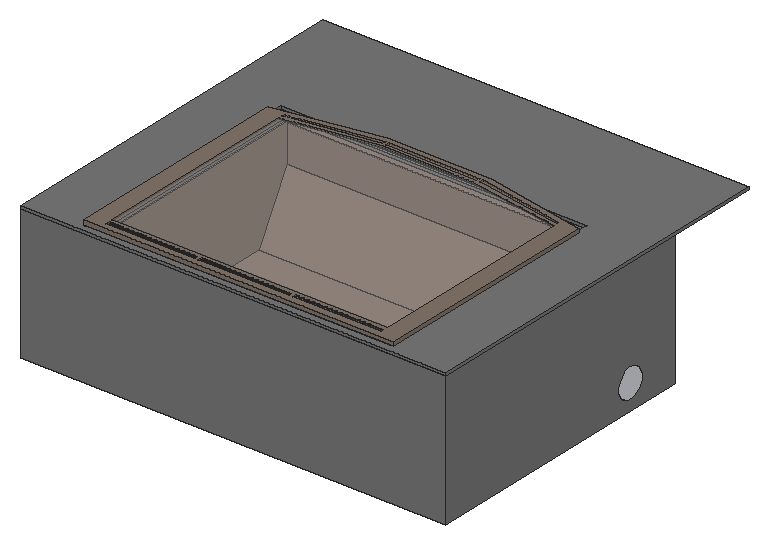
Revit family "Fireplace_Gas_Heatilator_Heirloom", category Mechanical Equipment, host Face, Revit 2015
Parameters (values of type "50x40 Viewing Area LP")
  hvacrad [instance] = HVAC Supply Connection Diameter / 2  # 0' - 2 1/2"
  gasrad [instance] = Gas Connection Diameter / 2  # 0' - 0 1/4"
  exhaustrad [instance] = Exhaust Connection Diameter / 2  # 0' - 2 1/2"
  Warranty Duration (Years) = 0
  Unit Width = 6' - 3"
  Unit Weight = 0
  Unit Height = 5' - 6 5/8"
  Unit Depth = 2' - 0"
  URL = "http://www.heatilator.com/"
  Test Data = ""
  Standards Conformance = "UL  ;  cUL"
  Specification = "http://www.arcat.com/sdspecs/htm04/10_31_07hea.htm"
  SpecWizard = ""
  Send Message = "http://www.arcat.com/users.pl?action=UserEmail&amp;company=Heatilator<sup><small></small></sup>&amp;coid=49248&amp;rep=144&amp;fax=&amp;mf=95"
  Screen [instance] = HeirloomFace : Firescreen Arch
  Sales Information = "http://www.heatilator.com/Contact-Us.aspx"
  Revision = "R2_2014-09"
  Recess Into Host [instance] = 2' - 0"
  Rear Wall Finish [instance] = Masonry - Heatilator - Brick as Specified
  Product Properties = ""
  Product Data = "http://www.arcat.com/arcatcos/cos9549/arc49248.html"
  Opening Width = 4' - 1 7/8"
  Opening Height = 3' - 4 1/16"
  Mounting Height [instance] = 1' - 10.76867"
  Model = "HEIR50"
  Manufacturer Website = "http://www.heatilator.com/"
  Manufacturer Phone - Toll Free = "800-927-6841"
  Manufacturer Phone = ""
  Manufacturer Fax = ""
  Manufacturer Address = "7571 215th St. W.  Lakeville, MN 55044"
  Manufacturer = "Heatilator"
  Maintenance Schedule (Months) = 0
  Keynote = "10305"
  Installation-Fabrication = ""
  Installation Phase = ""
  Heating Capacity = "as Specified"
  HVAC_BTU Output = 0.0 Btu/h
  HVAC_BTU Input = 63500.0 Btu/h
  HVAC Supply Connection Diameter [instance] = 5"
  Green Building-LEED = ""
  Glazing Tint [instance] = Glazing - Heatilator - Clear
  Gas Connection Diameter [instance] = 1/2"
  Fuel Type = "LP"
  Fuel Consumption = "as Specified"
  Fixture Finish = Metal - Heatilator - Metallic Black
  Expected Lifespan (Years) = 0
  Exhaust Connection Diameter [instance] = 5"
  Electrical_Voltage = 120 V
  Efficiency Ratings = "Steady State 68.2  ;  AFUE 66  ;  EnerGuide 67.5"
  Drawn By = "Sumex Design, Inc. / Robert S. Weygant, CSI, CDT, SCIP"
  Door Offset [instance] = 0' - 0 3/4"
  Door Finish [instance] = Metal - Heatilator - Bronze
  Description = "Heatilator Gas Burning Fireplace - Heirloom HEIR50 LP as Specified"
  Default Elevation = 0' - 0"
  Copyright = "©Arcat Inc."
  Construction Details = "http://www.arcat.com/details/heatil/heatil.html?coid=49248"
  Building Codes = ""
  Assembly Code = "D3020"
Types (6): name | Unit Width | Unit Height | Opening Width | Opening Height | Model | HVAC_BTU Input | Fuel Type | Efficiency Ratings | Description
  50x40 Viewing Area LP | 6' - 3" | 5' - 6 5/8" | 4' - 1 7/8" | 3' - 4 1/16" | "HEIR50" | 63500.0 Btu/h | "LP" | "Steady State 68.2  ;  AFUE 66  ;  EnerGuide 67.5" | "Heatilator Gas Burning Fireplace - Heirloom HEIR50 LP as Specified"
  50x40 Viewing Area NG | 6' - 3" | 5' - 6 5/8" | 4' - 1 7/8" | 3' - 4 1/16" | "HEIR50" | 65000.0 Btu/h | "NG" | "Steady State 68.2  ;  AFUE 66  ;  EnerGuide 67.5" | "Heatilator Gas Burning Fireplace - Heirloom HEIR50 NG as Specified"
  42x36 Viewing Area LP | 5' - 7" | 5' - 2 5/8" | 3' - 5 7/8" | 3' - 0 1/16" | "HEIR42" | 51000.0 Btu/h | "LP" | "Steady State 77.2  ;  AFUE 66.7  ;  EnerGuide 67" | "Heatilator Gas Burning Fireplace - Heirloom HEIR42 LP as Specified"
  42x36 Viewing Area NG | 5' - 7" | 5' - 2 5/8" | 3' - 5 7/8" | 3' - 0 1/16" | "HEIR42" | 54000.0 Btu/h | "NG" | "Steady State 77.2  ;  AFUE 66.7  ;  EnerGuide 67" | "Heatilator Gas Burning Fireplace - Heirloom HEIR42 NG as Specified"
  36x31 Viewing Area LP | 5' - 1" | 4' - 9 5/8" | 2' - 11 7/8" | 2' - 7 1/16" | "HEIR36" | 44000.0 Btu/h | "LP" | "Steady State 76.2  ;  AFUE 56.7  ;  EnerGuide 59.6" | "Heatilator Gas Burning Fireplace - Heirloom HEIR36 LP as Specified"
  36x31 Viewing Area NG | 5' - 1" | 4' - 9 5/8" | 2' - 11 7/8" | 2' - 7 1/16" | "HEIR36" | 45500.0 Btu/h | "NG" | "Steady State 76.2  ;  AFUE 56.7  ;  EnerGuide 59.6" | "Heatilator Gas Burning Fireplace - Heirloom HEIR36 NG as Specified"
Reference planes (in)
  plane 1 "Opening CL": y = 0
  plane 2: z = 0
  plane 3 "Center (Left/Right)": x = 0
  plane 4: z = -24
  plane 5 "Front": z = 0
  plane 6: x = -24.9375
  plane 7: x = 24.9375
  plane 8: y = 25.25
  plane 9 "FF": y = -41.20617
  plane 10: y = -18.4375
  plane 11: y = -14.8125
  plane 12: x = -37.5
  plane 13: x = 37.5
  plane 14: y = 48.1875
  plane 15: z = 0.75
  plane 16: z = 0
Forms (in)
  Extrusion 1, void
    sketch origin (0, 0, 0) x (1, 0, 0) y (0, 1, 0)
      loop
        line (37.5, 48.1875) -> (-37.5, 48.1875) -> (-37.5, -18.4375) -> (37.5, -18.4375) -> (37.5, 48.1875)
    from -24 to 5.63952
  Extrusion 2, solid, material "Metal - Heatilator - Metallic Black" <- "Fixture Finish"
    sketch origin (0, -16.31553, 0) x (0, -1, 0) y (1, 0, 0)
      loop
        line (-42.06553, -26.9375) -> (1.12197, -26.9375) -> (1.12197, 26.9375) -> (-42.06553, 26.9375) -> (-42.06553, -26.9375)
      loop
        line (-64.50303, -37.5) -> (2.12197, -37.5) -> (2.12197, 37.5) -> (-64.50303, 37.5) -> (-64.50303, -37.5)
    from 0 to -0.5
  Extrusion 3, solid, material "Masonry - Heatilator - Brick as Specified" <- "Rear Wall Finish"
    sketch origin (-6.5, -18.4375, 48) x (1, 0, 0) y (0, 0, 1)
      loop
        line (-31, -48.5) -> (-31, -72) -> (44, -72) -> (44, -48.5) -> (-31, -48.5)
    from 0 to -3.625
  Extrusion 4, solid, material "Masonry - Heatilator - Brick as Specified" <- "Rear Wall Finish"
    sketch origin (0, 0, 0) x (1, 0, 0) y (0, 0, 1)
      loop
        line (-24.9375, -0.5) -> (-37.5, -0.5) -> (-37.5, -24) -> (37.5, -24) -> (37.5, -0.5) -> (24.9375, -0.5) -> (24.9375, -18.5) -> (-24.9375, -18.5) -> (-24.9375, -0.5)
    from -25.25 to 14.8125
  Extrusion 5, solid, material "Masonry - Heatilator - Brick as Specified" <- "Rear Wall Finish"
    sketch origin (0, 0, 0) x (0, 1, 0) y (0, 0, 1)
      loop
        line (25.25, -6) -> (18.03312, -18.5) -> (25.25, -18.5) -> (25.25, -6)
    from -24.9375 to 24.9375
  Extrusion 6, solid, material "Masonry - Heatilator - Brick as Specified" <- "Rear Wall Finish"
    sketch origin (0, 48.1875, 0) x (0, 0, -1) y (1, 0, 0)
      loop
        line (0.5, -37.5) -> (24, -37.5) -> (24, 37.5) -> (0.5, 37.5) -> (0.5, -37.5)
    from 16.25 to 22.9375
  Extrusion 7, solid, material "Masonry - Heatilator - Brick as Specified" <- "Rear Wall Finish"
    sketch origin (0, -16.31553, 0) x (0, -1, 0) y (1, 0, 0)
      loop
        line (1.12197, -26.9375) -> (1.12197, 26.9375) -> (-42.06553, 26.9375) -> (-42.06553, -26.9375) -> (1.12197, -26.9375)
      loop
        line (-40.56553, -24.6875) -> (-3.50303, -24.6875) -> (-3.50303, 24.6875) -> (-40.56553, 24.6875) -> (-40.56553, -24.6875)
    from -1 to -18.5
  Extrusion 8, solid
    sketch origin (0, 48.1875, 0) x (0, 0, -1) y (1, 0, 0)
      loop
        circle (16, 0) r 2.5
    from 14.62715 to 16.25
  Extrusion 9, solid
    sketch origin (0, 0, 0) x (0, 1, 0) y (0, 0, 1)
      loop
        circle (22.19203, -19.5) r 2.5
    from -37.5 to 37.5
  Extrusion 10, solid
    sketch origin (-37.5, -180, 14.07791) x (0, 0, 1) y (0, -1, 0)
      loop
        circle (-28.20291, -164.3125) r 0.25
    from 0 to 1.0582
Cuts and joins
  joined: Extrusion 3, Extrusion 4, Extrusion 5, Extrusion 6, Extrusion 7
Dimensions and locks (in)
  "Recess Into Host": level to plane 4
  "Unit Depth": plane 5 "Front" to plane 4
  equal spacing: plane 6, plane 3 "Center (Left/Right)", plane 7
  "Opening Width": plane 6 to plane 7
  "Mounting Height": plane 10 to plane 9 "FF"
  locked: plane 10 to plane 11 at 3.625
  "Opening Height": plane 8 to plane 11
  equal spacing: plane 12, plane 3 "Center (Left/Right)", plane 13
  "Unit Width": plane 12 to plane 13
  "Unit Height": plane 10 to plane 14
  locked: plane 10 to Extrusion 2 sketch curve at 1
  locked: plane 5 "Front" to Extrusion 3 sketch curve at 0.5
  locked: plane 5 "Front" to Extrusion 4 sketch curve at 0.5  (x2)
  locked: plane 5 "Front" to Extrusion 4 sketch curve at 18.5
  plane 5 "Front" to Extrusion 5 sketch curve to Extrusion 5 sketch curve = 0' - 6" locked, 1' - 0 1/2" locked
  locked: Extrusion 5 sketch curve to plane 8 at 7.21688
  locked: plane 5 "Front" to Extrusion 6 sketch curve at 0.5
  locked: plane 15 to plane 16 at 0.75
  "Door Offset": plane 15 to plane 5 "Front"
  locked: Extrusion 2 sketch curve to plane 6 at 2
  locked: plane 7 to Extrusion 2 sketch curve at 2
  locked: Extrusion 2 sketch curve to plane 8 at 0.5
  Extrusion 7 sketch curve to plane 8 to Extrusion 7 sketch curve = 0' - 0 1/2" locked, 0' - 1" locked
  locked: Extrusion 7 sketch curve to plane 11 at 2
  locked: plane 11 to Extrusion 7 sketch curve at 2.625
  locked: Extrusion 7 sketch curve to plane 6 at 2
  locked: plane 7 to Extrusion 7 sketch curve at 2
  locked: plane 6 to Extrusion 7 sketch curve at 0.25
  locked: Extrusion 7 sketch curve to plane 7 at 0.25
  locked: plane 5 "Front" to Extrusion 8 sketch curve at 16
  locked: Extrusion 8 sketch curve to plane 3 "Center (Left/Right)" at 0
  locked: Extrusion 9 sketch curve to plane 14 at 25.99547
  locked: Extrusion 9 sketch curve to plane 4 at 4.5
  locked: plane 5 "Front" to Extrusion 10 sketch curve at 14.125
  locked: plane 10 to Extrusion 10 sketch curve at 2.75
  "exhaustrad": radius of Extrusion 8 sketch curve
  "hvacrad": radius of Extrusion 9 sketch curve
  "gasrad": radius of Extrusion 10 sketch curve
  aligned and locked: plane 2 to host face
  aligned and locked: level to host face
  aligned: Extrusion 1 to plane 5 "Front"
  aligned and locked: Extrusion 1 to plane 4
  aligned and locked: Extrusion 1 sketch curve to plane 10
  aligned and locked: plane 13 to Extrusion 1 sketch curve
  aligned and locked: Extrusion 1 sketch curve to plane 12
  aligned and locked: Extrusion 1 sketch curve to plane 14
  aligned and locked: plane 14 to Extrusion 2 sketch curve
  aligned and locked: Extrusion 2 sketch curve to plane 13
  aligned and locked: plane 12 to Extrusion 2 sketch curve
  aligned and locked: plane 4 to Extrusion 3 sketch curve
  aligned and locked: Extrusion 3 to plane 11
  aligned and locked: plane 4 to Extrusion 4 sketch curve
  aligned and locked: Extrusion 4 to plane 8
  aligned and locked: Extrusion 4 to plane 11
  aligned and locked: Extrusion 5 to plane 7
  aligned and locked: Extrusion 5 to plane 6
  aligned and locked: plane 4 to Extrusion 6 sketch curve
  aligned: plane 10 to Extrusion 6
  aligned and locked: Extrusion 6 to plane 8
  aligned and locked: plane 3 "Center (Left/Right)" to nested 1
  aligned and locked: nested 1 to plane 10
  aligned and locked: Extrusion 9 to plane 12
  aligned and locked: plane 13 to Extrusion 9
Automatic sketch dimensions
  host sketch curve to host sketch curve = 8' - 0"
  host sketch curve to host sketch curve = 10' - 4 9/16"
  Extrusion 3 sketch curve to plane 12 = 0' - 0"
  Extrusion 3 sketch curve to plane 13 = 0' - 0"
  Extrusion 4 sketch curve to plane 12 = 0' - 0"
  plane 6 to Extrusion 4 sketch curve = 0' - 0"
  plane 7 to Extrusion 4 sketch curve = 0' - 0"
  Extrusion 4 sketch curve to plane 13 = 0' - 0"
  Extrusion 5 sketch curve to plane 8 = 0' - 0"
  Extrusion 6 sketch curve to plane 12 = 0' - 0"
  Extrusion 6 sketch curve to plane 13 = 0' - 0"
  Extrusion 2 sketch curve to plane 10 = 0' - 0"
Nested families (in)
  nested 1: "HeirloomFace" at (0, -18.4375, 0), type <- "Screen", frame finish <- "Door Finish", clear material <- "Glazing Tint", Width <- "Opening Width", Height <- "Opening Height", type "Firescreen Arch"
    with frame finish Metal - Heatilator - Bronze, clear material Glazing - Heatilator - Clear, built-in parameter 1001301 4' - 1 7/8", built-in parameter 1001300 3' - 4 1/16", Firescreen Arch yes, Firescreen no
Connectors (in)
  electrical at (-37.5, 6.75, -12.25), driven by "Electrical_Voltage"
    settings: on cut or joined group of Extrusion 3, Extrusion 4, Extrusion 5, Extrusion 6, Extrusion 7, index 1, voltage 120 V, apparent load 0 VA, apparent load phase1 0 VA, apparent load phase2 0 VA, apparent load phase3 0 VA, power factor 1, load classification "Other", number of poles 1, system type 31, power factor state 1, is connector primary yes, connector utility no, sub classification motor no, connector description ""
  hvac at (0, 33.56035, -16), driven by "exhaustrad"
    settings: on Extrusion 8, index 2, duct flow 0 CFM, flow factor 0, pres drop 0.00 in-wg, loss coef 0, conn angle 0.00°, conn width 12", conn height 12", conn diameter 5", duct sys type 3, conn prof type 0, flow config 0, flow direction 2, loss method 0, conn ref index -1, conn util no, is conn primary yes, conn desc "Exhaust"
  hvac at (-37.5, 22.19203, -19.5), driven by "hvacrad"
    settings: on Extrusion 9, index 3, duct flow 0 CFM, flow factor 0, pres drop 0.00 in-wg, loss coef 0, conn angle 0.00°, conn width 12", conn height 12", conn diameter 5", duct sys type 1, conn prof type 0, flow config 0, flow direction 2, loss method 0, conn ref index -1, conn util no, is conn primary no, conn desc "Heat-Zone Port Supply"
  hvac at (37.5, 22.19203, -19.5), driven by "hvacrad"
    settings: on Extrusion 9, index 4, duct flow 0 CFM, flow factor 0, pres drop 0.00 in-wg, loss coef 0, conn angle 0.00°, conn width 12", conn height 12", conn diameter 5", duct sys type 1, conn prof type 0, flow config 0, flow direction 2, loss method 0, conn ref index -1, conn util no, is conn primary no, conn desc "Heat-Zone Port Supply"
  piping at (-37.5, -15.6875, -14.125), diameter 0.5, driven by "gasrad"
    settings: on Extrusion 10, index 5, connector inside diameter 1/2", connector length 0' - 0", flow factor 0, pipe flow 0 GPM, pressure drop 0.00 psi, fitting loss kfactor 0, connector angle 0.00°, fixture units 0, engagement length 0' - 0", angle of deflection 0.00°, flow configuration 0, flow direction 1, fitting loss method 0, system type 29, joint type 0, gender type 0, connector reference index -1, connector utility 0, adjustable connector no, is connector primary yes, connector description "Gas Inlet"
Definition of nested family "HeirloomFace"
  Parameters
    frame finish [instance] = none
    clear material [instance] = none
    Width [instance] = 2' - 11 7/8"
    Height [instance] = 2' - 7 1/16"
    Firescreen Arch = no
    Firescreen = yes
    Default Elevation = 4' - 0"
  Reference planes (in)
    plane 1 "Center (Front/Back)": y = 0
    plane 2: z = 0
    plane 3 "Center (Left/Right)": x = 0
    plane 4: x = -17.9375
    plane 5: x = 17.9375
    plane 6: y = 3.625
    plane 7: y = 34.6875
    plane 8: x = -5.97917
    plane 9: x = 5.97917
  Forms (in)
    Extrusion 1, solid, material <- "frame finish", visible <- "Firescreen"
      sketch origin (0, 0, 0) x (1, 0, 0) y (0, 1, 0)
        loop
          line (20.34375, 1.3125) -> (20.34375, 36.75) -> (-20.34375, 36.75) -> (-20.34375, 1.3125) -> (20.34375, 1.3125)
        loop
          line (-18.03125, 35.6875) -> (-18.03125, 2.375) -> (18.03125, 2.375) -> (18.03125, 35.6875) -> (-18.03125, 35.6875)
      from 0 to 0.75
    Extrusion 2, solid, material <- "frame finish", visible <- "Firescreen"
      sketch origin (0, 0, 0) x (1, 0, 0) y (0, 1, 0)
        loop
          line (-18.03125, 34.9375) -> (-18.03125, 34.4375) -> (18.03125, 34.4375) -> (18.03125, 34.9375) -> (6.22917, 34.9375) -> (6.22917, 35.6875) -> (5.72917, 35.6875) -> (5.72917, 34.9375) -> (-5.72917, 34.9375) -> (-5.72917, 35.6875) -> (-6.22917, 35.6875) -> (-6.22917, 34.9375) -> (-18.03125, 34.9375)
        loop
          line (-18.03125, 3.125) -> (-6.22917, 3.125) -> (-6.22917, 2.375) -> (-5.72917, 2.375) -> (-5.72917, 3.125) -> (5.72917, 3.125) -> (5.72917, 2.375) -> (6.22917, 2.375) -> (6.22917, 3.125) -> (18.03125, 3.125) -> (18.03125, 3.625) -> (-18.03125, 3.625) -> (-18.03125, 3.125)
      from 0.5 to 0.75
    Extrusion 3, solid, material <- "frame finish", visible <- "Firescreen Arch"
      sketch origin (0, 0, 0) x (1, 0, 0) y (0, 1, 0)
        loop
          line (-20.34375, 1.3125) -> (20.34375, 1.3125) -> (20.34375, 32.9375)
          arc (20.34375, 32.9375) -> (0, 36.75) -> (-20.34375, 32.9375) r 56.18404
          line (-20.34375, 32.9375) -> (-20.34375, 1.3125)
        loop
          line (-18.03125, 2.375) -> (18.03125, 2.375) -> (18.03125, 32.65491)
          arc (18.03125, 32.65491) -> (0, 35.6875) -> (-18.03125, 32.65491) r 55.12154
          line (-18.03125, 32.65491) -> (-18.03125, 2.375)
      from 0 to 0.75
    Extrusion 4, solid, material <- "frame finish", visible <- "Firescreen Arch"
      sketch origin (0, 0, 0) x (1, 0, 0) y (0, 1, 0)
        loop
          line (-6.22917, 34.29216) -> (-5.72917, 34.29216) -> (-5.72917, 35.625) -> (-6.22917, 35.625) -> (-6.22917, 34.29216)
        loop
          line (6.22917, 34.29216) -> (6.22917, 35.625) -> (5.72917, 35.625) -> (5.72917, 34.29216) -> (6.22917, 34.29216)
      from 0.5 to 0.75
    Extrusion 5, solid, material <- "frame finish", visible <- "Firescreen Arch"
      sketch origin (0, 0, 0) x (1, 0, 0) y (0, 1, 0)
        loop
          line (-18.03125, 3.125) -> (-6.22917, 3.125) -> (-6.22917, 2.375) -> (-5.72917, 2.375) -> (-5.72917, 3.125) -> (5.72917, 3.125) -> (5.72917, 2.375) -> (6.22917, 2.375) -> (6.22917, 3.125) -> (18.03125, 3.125) -> (18.03125, 3.625) -> (-18.03125, 3.625) -> (-18.03125, 3.125)
        loop
          line (-18.03125, 31.86058) -> (-18.03125, 31.33029)
          arc (-18.03125, 31.33029) -> (0, 34.4375) -> (18.03125, 31.33029) r 53.87154
          line (18.03125, 31.33029) -> (18.03125, 31.86058)
          arc (18.03125, 31.86058) -> (0, 34.9375) -> (-18.03125, 31.86058) r 54.37154
      from 0.5 to 0.75
    Extrusion 6, solid, material <- "frame finish", visible <- "Firescreen Arch"
      sketch origin (0, 0, 0) x (1, 0, 0) y (0, 1, 0)
        loop
          line (-17.28125, 31.73333) -> (-17.28125, 33.23333) -> (-18.28125, 33.23333) -> (-18.28125, 31.73333) -> (-17.28125, 31.73333)
        loop
          line (17.28125, 31.73333) -> (18.28125, 31.73333) -> (18.28125, 33.23333) -> (17.28125, 33.23333) -> (17.28125, 31.73333)
      from 0.5 to 0.75
    Extrusion 7, solid, material <- "clear material", visible <- "Firescreen"
      sketch origin (0, 0, 0) x (1, 0, 0) y (0, 1, 0)
        loop
          line (-18.03125, 36.0625) -> (-18.03125, 3.125) -> (18.03125, 3.125) -> (18.03125, 36.0625) -> (-18.03125, 36.0625)
      from 0.25 to 0.5
    Extrusion 8, solid, material <- "clear material", visible <- "Firescreen Arch"
      sketch origin (0, 0, 0) x (1, 0, 0) y (0, 1, 0)
        loop
          arc (18.03125, 32.86058) -> (0, 35.9375) -> (-18.03125, 32.86058) r 54.37154
          line (-18.03125, 32.86058) -> (-18.03125, 3.125) -> (18.03125, 3.125) -> (18.03125, 32.86058)
      from 0.25 to 0.5
  Cuts and joins
    joined: Extrusion 1, Extrusion 2
    joined: Extrusion 3, Extrusion 4, Extrusion 5, Extrusion 6
  Dimensions and locks (in)
    locked: plane 1 "Center (Front/Back)" to plane 6 at 3.625
    "Height": plane 7 to plane 6
    equal spacing: plane 4, plane 3 "Center (Left/Right)", plane 5
    "Width": plane 4 to plane 5
    Extrusion 1 sketch curve to Extrusion 1 sketch curve to plane 4 = 0' - 2 5/16" locked, 0' - 0 3/32" locked
    plane 5 to Extrusion 1 sketch curve to Extrusion 1 sketch curve = 0' - 0 3/32" locked, 0' - 2 5/16" locked
    equal spacing: plane 4, plane 8, plane 9, plane 5
    Extrusion 2 sketch curve to plane 8 to Extrusion 2 sketch curve = 0' - 0 1/4" locked, 0' - 0 1/4" locked  (x2)
    Extrusion 2 sketch curve to plane 9 to Extrusion 2 sketch curve = 0' - 0 1/4" locked, 0' - 0 1/4" locked  (x2)
    Extrusion 2 sketch curve to plane 7 to Extrusion 2 sketch curve = 0' - 0 1/4" locked, 0' - 0 1/4" locked
    Extrusion 2 sketch curve to Extrusion 2 sketch curve to plane 7 = 0' - 0 3/4" locked, 0' - 0 1/4" locked  (x2)
    Extrusion 1 sketch curve to Extrusion 1 sketch curve to plane 7 = 0' - 1 1/16" locked, 0' - 1" locked
    plane 6 to Extrusion 1 sketch curve to Extrusion 1 sketch curve = 0' - 1 1/4" locked, 0' - 1 1/16" locked
    locked: Extrusion 2 sketch curve to plane 4 at 0.09375  (x2)
    locked: plane 5 to Extrusion 2 sketch curve at 0.09375  (x2)
    locked: plane 7 to Extrusion 3 sketch curve at 1.75  (x2)
    locked: Extrusion 3 sketch curve to plane 7 at 2.0625
    locked: Extrusion 3 sketch curve to plane 4 at 2.40625
    locked: plane 5 to Extrusion 3 sketch curve at 2.40625
    plane 6 to Extrusion 3 sketch curve to Extrusion 3 sketch curve = 0' - 1 1/4" locked, 0' - 1 1/16" locked
    Extrusion 4 sketch curve to plane 8 to Extrusion 4 sketch curve = 0' - 0 1/4" locked, 0' - 0 1/4" locked
    Extrusion 4 sketch curve to plane 9 to Extrusion 4 sketch curve = 0' - 0 1/4" locked, 0' - 0 1/4" locked
    Extrusion 5 sketch curve to plane 7 to Extrusion 5 sketch curve = 0' - 0 1/4" locked, 0' - 0 1/4" locked
    locked: Extrusion 5 sketch curve to plane 4 at 0.09375  (x2)
    locked: plane 5 to Extrusion 5 sketch curve at 0.09375  (x2)
    Extrusion 5 sketch curve to plane 8 to Extrusion 5 sketch curve = 0' - 0 1/4" locked, 0' - 0 1/4" locked
    Extrusion 5 sketch curve to plane 9 to Extrusion 5 sketch curve = 0' - 0 1/4" locked, 0' - 0 1/4" locked
    plane 7 to Extrusion 5 sketch curve to Extrusion 5 sketch curve = 0' - 2.82692" locked, 0' - 0.5303" locked  (x2)
    Extrusion 3 sketch curve to plane 7 to Extrusion 3 sketch curve = 0' - 1" locked, 0' - 2.03259" locked
    locked: plane 7 to Extrusion 3 sketch curve at 2.03259
    Extrusion 6 sketch curve to plane 4 to Extrusion 6 sketch curve = 0' - 0 11/32" locked, 0' - 0 21/32" locked
    plane 7 to Extrusion 6 sketch curve to Extrusion 6 sketch curve = 0' - 1.45417" locked, 0' - 1 1/2" locked  (x2)
    Extrusion 6 sketch curve to plane 5 to Extrusion 6 sketch curve = 0' - 0 21/32" locked, 0' - 0 11/32" locked
    Extrusion 4 sketch curve to plane 7 to Extrusion 4 sketch curve = 0' - 0 15/16" locked, 0' - 0.39534" locked  (x2)
    locked: plane 5 to Extrusion 7 sketch curve at 0.09375
    locked: Extrusion 7 sketch curve to plane 4 at 0.09375
    locked: plane 6 to Extrusion 7 sketch curve at 0.5
    locked: Extrusion 7 sketch curve to plane 7 at 1.375
    locked: Extrusion 8 sketch curve to plane 7 at 1.25
    locked: plane 7 to Extrusion 8 sketch curve at 1.82692  (x2)
    locked: plane 6 to Extrusion 8 sketch curve at 0.5
    locked: Extrusion 8 sketch curve to plane 4 at 0.09375
    locked: plane 5 to Extrusion 8 sketch curve at 0.09375
    plane 6 to Extrusion 2 sketch curve to Extrusion 2 sketch curve = 0' - 0 1/2" locked, 0' - 0 3/4" locked  (x2)
    plane 6 to Extrusion 2 sketch curve to Extrusion 2 sketch curve = 0' - 0" locked, 0' - 0 1/2" locked
    plane 6 to Extrusion 5 sketch curve to Extrusion 5 sketch curve = 0' - 0 1/2" locked, 0' - 0 3/4" locked  (x2)
    locked: plane 6 to Extrusion 5 sketch curve at 0.5
    aligned and locked: plane 2 to level
    aligned and locked: plane 6 to Extrusion 5 sketch curve
  Automatic sketch dimensions
    Extrusion 3 sketch curve to Extrusion 3 sketch curve = 0' - 0"  (x2)
